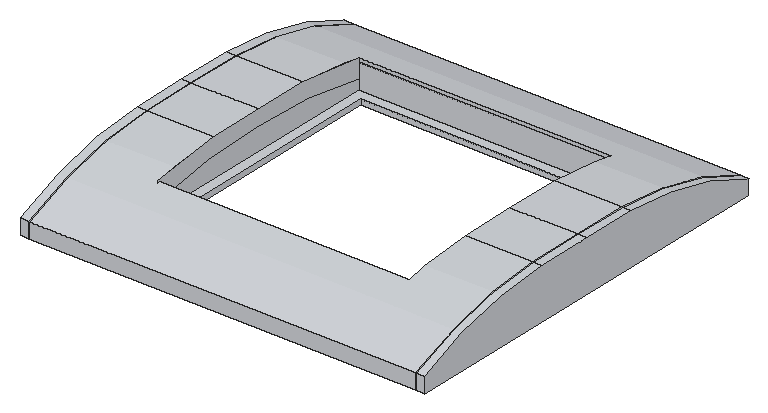
Revit family "Gira_0211753", category Electrical Fixtures, host Face, Revit 2017
Family settings
  Host = Face
  Maintain Annotation Orientation = No
  Round Connector Dimension = Use Diameter
  Part Type = Normal
  Cut with Voids When Loaded = No
  Shared = No
  Room Calculation Point = No
Parameters (values of type "Cov.fr. 1-g interm.fr. PW Gira Event Clear aubergine")
  With mounting grid = "No"
  With hinged lid = "No"
  URL = "http://katalog.gira.de/en/datenblatt.html?artikelnr=0211753"
  Type of fastening = "Clamp mounting"
  Transparent = "No"
  Surface protection = "Other"
  Surface finishing = "Glossy"
  Suitable for wall duct = "No"
  Suitable for flush-mounted installation = "Yes"
  Suitable for floor box = "No"
  Suitable for built-in installation = "No"
  Number of units vertical = "1"
  Number of units horizontal = "1"
  Number of units = "1"
  Name = "Cov.fr. 1-g interm.fr. PW Gira Event Clear aubergine"
  Mounting direction = "Horizontal and vertical"
  Material quality = "Thermoplastic"
  Material = "Plastic"
  Manufacturer URL = "https://www.gira.de/"
  Manufacturer = "Gira"
  Label space/information surface = "No"
  Keynote = ""
  HeinzeBIM = "https://bimportal.heinze.de/bim/cov-fr-1-g-interm-fr-pw-gira-event-clear-aubergine/c57a73ecc9e3dbccdd9dc698fcb011f917c15834"
  Halogen free = "Yes"
  HAN = "0211753"
  GTIN = "4010337069126"
  Description = "Cov.fr.1g i.fr.PW EvCl AU,Gira Event Clear cover frame,aubergine with pure white glossy intermediate frame,1-gang,Features:,- Shatter-proof."
  Degree of protection (IP) = "IP20"
  Default Elevation = 1219.2 mm
  Data sheet (1) = "https://katalog.gira.de/en/download.html?artikelnr=0211753"
  Colour = "Other"
  Category = "Cover frame for domestic switching devices"
  BIM (1) = "https://media.stage.bim.site/public/gira/36a6b08/Event_Rahmen_1fach.rfa"
  Available = "No"
Reference planes
  plane 1 "Center (Front/Back)": y = 0
  plane 2: z = 0
  plane 3 "Center (Left/Right)": x = 0
Forms (mm)
  Extrusion 1, solid, detail levels fine
    sketch origin (0, 0, 1.55) x (0, 1, 0) y (0, 0, 1)
      loop
        arc (12.445, 9.683) -> (6.223, 9.833) -> (0, 9.85) r 291.636
        arc (0, 9.85) -> (-6.223, 9.833) -> (-12.445, 9.683) r 291.636
        arc (-12.445, 9.683) -> (-29.14, 7.482) -> (-45, 1.823) r 79.728
        line (-45, 1.823) -> (-45, -1.55) -> (-41.777, -1.55) -> (-41.777, -0.55)
        arc (-41.777, -0.55) -> (-21.205, 4.846) -> (0, 6.467) r 118.15
        arc (0, 6.467) -> (21.205, 4.846) -> (41.777, -0.55) r 118.15
        line (41.777, -0.55) -> (41.777, -1.55) -> (45, -1.55) -> (45, 1.823)
        arc (45, 1.823) -> (29.14, 7.482) -> (12.445, 9.683) r 79.728
    from -43 to 43
  Extrusion 2, void, detail levels fine
    sketch origin (0, 0, 0) x (1, 0, 0) y (0, 1, 0)
      loop
        line (-28, -28) -> (28, -28) -> (28, 28) -> (-28, 28) -> (-28, -28)
    from 2.85 to 12
  Extrusion 3, solid, detail levels coarse
    sketch origin (0, 0, 0) x (1, 0, 0) y (0, 1, 0)
      loop
        line (-45, 45) -> (-45, -45) -> (45, -45) -> (45, 45) -> (-45, 45)
    from 0 to 11.4
  Extrusion 4, solid, detail levels medium
    sketch origin (0, 0, 1.55) x (0, 1, 0) y (0, 0, 1)
      loop
        arc (12.445, 9.683) -> (6.223, 9.833) -> (0, 9.85) r 291.636
        arc (0, 9.85) -> (-6.223, 9.833) -> (-12.445, 9.683) r 291.636
        arc (-12.445, 9.683) -> (-29.14, 7.482) -> (-45, 1.823) r 79.728
        line (-45, 1.823) -> (-45, -1.55) -> (45, -1.55) -> (45, 1.823)
        arc (45, 1.823) -> (29.14, 7.482) -> (12.445, 9.683) r 79.728
    from -45 to 45
  Extrusion 5, solid, detail levels fine
    sketch origin (0, 0, 0) x (0, 1, 0) y (0, 0, 1)
      loop
        arc (45, 3.373) -> (29.14, 9.032) -> (12.445, 11.233) r 79.728
        arc (12.445, 11.233) -> (6.223, 11.383) -> (0, 11.4) r 291.636
        arc (0, 11.4) -> (-6.223, 11.383) -> (-12.445, 11.233) r 291.636
        arc (-12.445, 11.233) -> (-29.14, 9.032) -> (-45, 3.373) r 79.728
        line (-45, 3.373) -> (-45, 0) -> (45, 0) -> (45, 3.373)
    from 43 to 45
  Extrusion 6, solid, detail levels fine
    sketch origin (0, 0, 0) x (0, 1, 0) y (0, 0, -1)
      loop
        line (45, -3.373) -> (45, 0) -> (-45, 0) -> (-45, -3.373)
        arc (-45, -3.373) -> (-29.14, -9.032) -> (-12.445, -11.233) r 79.728
        arc (-12.445, -11.233) -> (-6.223, -11.383) -> (0, -11.4) r 291.636
        arc (0, -11.4) -> (6.223, -11.383) -> (12.445, -11.233) r 291.636
        arc (12.445, -11.233) -> (29.14, -9.032) -> (45, -3.373) r 79.728
    from 43 to 45
  Extrusion 7, solid, detail levels fine
    sketch origin (0, 0, 0) x (1, 0, 0) y (0, 1, 0)
      loop
        line (-25.7, 25.7) -> (-25.7, -25.7) -> (25.7, -25.7) -> (25.7, 25.7) -> (-25.7, 25.7)
      loop
        line (-29.495, 27.895) -> (-29.495, -27.895)
        spline (-29.495, -27.895) -> (-29.486, -28.025) -> (-29.461, -28.154) -> (-29.419, -28.278) -> (-29.361, -28.395) -> (-29.288, -28.504) -> (-29.202, -28.602) -> (-29.104, -28.688) -> (-28.995, -28.761) -> (-28.878, -28.819) -> (-28.754, -28.861) -> (-28.625, -28.886) -> (-28.495, -28.895)
        line (-28.495, -28.895) -> (28.495, -28.895)
        spline (28.495, -28.895) -> (28.625, -28.886) -> (28.754, -28.861) -> (28.878, -28.819) -> (28.995, -28.761) -> (29.104, -28.688) -> (29.202, -28.602) -> (29.288, -28.504) -> (29.361, -28.395) -> (29.419, -28.278) -> (29.461, -28.154) -> (29.486, -28.025) -> (29.495, -27.895)
        line (29.495, -27.895) -> (29.495, 27.895)
        spline (29.495, 27.895) -> (29.486, 28.025) -> (29.461, 28.154) -> (29.419, 28.278) -> (29.361, 28.395) -> (29.288, 28.504) -> (29.202, 28.602) -> (29.104, 28.688) -> (28.995, 28.761) -> (28.878, 28.819) -> (28.754, 28.861) -> (28.625, 28.886) -> (28.495, 28.895)
        line (28.495, 28.895) -> (-28.495, 28.895)
        spline (-28.495, 28.895) -> (-28.625, 28.886) -> (-28.754, 28.861) -> (-28.878, 28.819) -> (-28.995, 28.761) -> (-29.104, 28.688) -> (-29.202, 28.602) -> (-29.288, 28.504) -> (-29.361, 28.395) -> (-29.419, 28.278) -> (-29.461, 28.154) -> (-29.486, 28.025) -> (-29.495, 27.895)
    from 1.673 to 8.5
Cuts and joins
  Extrusion 2 cuts Extrusion 1
  Extrusion 2 cuts Extrusion 7
Dimensions and locks
  aligned and locked: plane 2 to host face
  aligned and locked: level to host face
